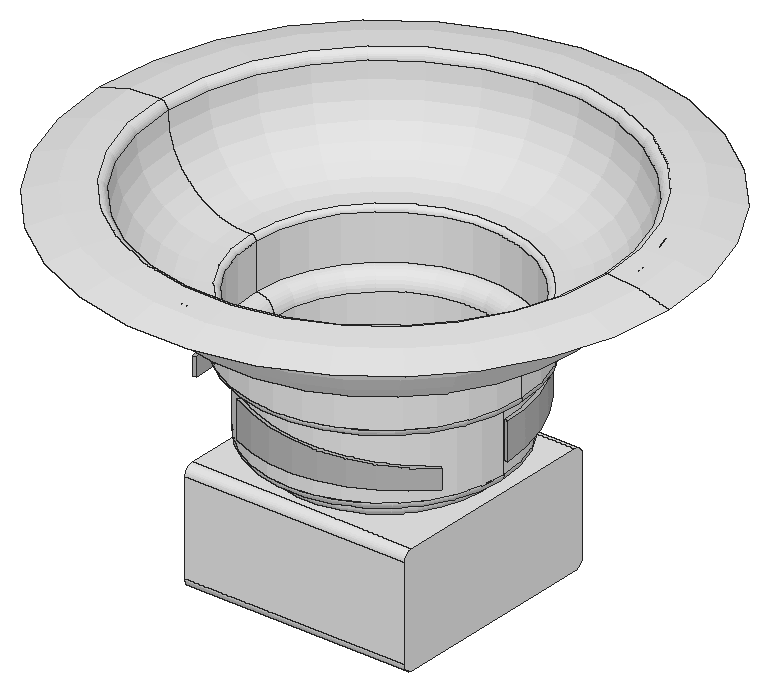
Revit family "LB6LEDA10L", category Lighting Fixtures, host Face, Revit 2012
Parameters (values of type "6" LiteBox LED Downlight LB6LEDA8L30K WH")
  Wattage = 12 W
  built-in parameter 1150110 = 1 (stored number, unit not read)
  Voltage = 120 V
  built-in parameter 1114217 = 1 (stored number, unit not read)
  Tilt Angle = -90.00°
  built-in parameter 1150109 = 1 (stored number, unit not read)
  built-in parameter 1150134 = (empty or 0)
  built-in parameter 1150113 = 1 (stored number, unit not read)
  Steel = Steel
  Photometric Web File = "lb6leda8l30kwh.ies"
  built-in parameter 1150105 = 141.85 (stored number, unit not read)
  Lumens = 1782.5 lm
  built-in parameter 1150115 = 1 (stored number, unit not read)
  built-in parameter 1150137 = (empty or 0)
  built-in parameter 1150139 = (empty or 0)
  Wattage Comments = "12W"  # constant formula
  URL = "www.prescolite.com"
  Product Page URL = "http://www.prescolite.com/products/lb6leda/"
  Product Documentation Link = "http://www.prescolite.com/content/products/specs/specs_files/lb_led_009.pdf"
  Model = "LB6LEDA10L"  # constant formula
  Manufacturer Phone = "(864)-678-1000"  # constant formula
  Manufacturer Fax = "(866)-898-1065"  # constant formula
  Manufacturer = "Prescolite"  # constant formula
  built-in parameter 1150112 = 1 (stored number, unit not read)
  built-in parameter 1150114 = 1 (stored number, unit not read)
  Lamp = "LED"  # constant formula
  built-in parameter 1150132 = (empty or 0)
  built-in parameter 1150102 = (empty or 0)
  built-in parameter 1150107 = 3500 (stored number, unit not read)
  built-in parameter 1150138 = (empty or 0)
  built-in parameter 1150106 = 1.4185 (stored number, unit not read)
  Emit from Line Length = 24"
  built-in parameter 1150104 = 13.8 (stored number, unit not read)
  Dimming Lamp Color Temperature Shift = <None>
  Description = "6inch LED DOWNLIGHT MODULE"  # constant formula
  Default Elevation = 48"
  Flange = Aluminum
  Color Filter = 16777215
  built-in parameter 1114218 = 1 (stored number, unit not read)
  built-in parameter 1150133 = 10 (stored number, unit not read)
Types (5): name | Voltage | Photometric Web File | Product Documentation Link
  (no name) | 120 V | "lb6leda8l30kwh.ies" | "http://www.prescolite.com/content/products/specs/specs_files/lb_led_009.pdf"
  6" LiteBox 1000 Lumen 27K LED w/15% dimming | 0 V | "6184.ies" | "http://www.prescolite.com/content/products/specs/specs_files/lb_led_010.pdf"
  6" LiteBox 1000 Lumen 35K LED w/15% dimming | 0 V | "6182.ies" | "http://www.prescolite.com/content/products/specs/specs_files/lb_led_010.pdf"
  6" LiteBox LED Downlight LB6LEDA8L30K WH | 120 V | "lb6leda8l30kwh.ies" | "http://www.prescolite.com/content/products/specs/specs_files/lb_led_009.pdf"
  6" LiteBox 1000 Lumen 30K LED w/15% dimming | 0 V | "6183.ies" | "http://www.prescolite.com/content/products/specs/specs_files/lb_led_010.pdf"
Reference planes (in)
  plane 1 "Center (Front/Back)": y = 13.04941
  plane 2: z = 0
  plane 3 "Center (Left/Right)": x = 0
  plane 4: z = -3.625
  plane 5: x = 3.875
  plane 6: z = -4.625
Forms (in)
  Revolve 1, solid, material "Aluminum" <- "Flange"
    sketch origin (0, 13.04941, 0) x (1, 0, 0) y (0, 0, 1)
      loop
        arc (3.05004, 0.14997) -> (2.97757, 0.10915) -> (2.95033, 0.03057) r 0.11739
        arc (2.95033, 0.03057) -> (2.62734, -0.76894) -> (1.82097, -1.07441) r 1.07577
        arc (1.82097, -1.07441) -> (1.77101, -1.09293) -> (1.75, -1.1419) r 0.06757
        line (1.75, -1.1419) -> (1.75, -1.7539)
        arc (1.75, -1.7539) -> (1.575, -1.8098) -> (1.5, -1.97751) r 0.225
        line (1.5, -1.97751) -> (1.5, -2.78132)
        arc (1.5, -2.78132) -> (1.325, -2.83722) -> (1.25, -3.00493) r 0.225
        line (1.25, -3.00493) -> (0, -3.00493) -> (0, -3.12993) -> (1.25, -3.12993)
        arc (1.25, -3.12993) -> (1.33839, -3.09332) -> (1.375, -3.00493) r 0.125
        arc (1.375, -3.00493) -> (1.40429, -2.93422) -> (1.475, -2.90493) r 0.1
        line (1.475, -2.90493) -> (1.525, -2.90493)
        arc (1.525, -2.90493) -> (1.59571, -2.87564) -> (1.625, -2.80493) r 0.1
        line (1.625, -2.80493) -> (1.625, -1.97751)
        arc (1.625, -1.97751) -> (1.65429, -1.90679) -> (1.725, -1.87751) r 0.1
        line (1.725, -1.87751) -> (1.775, -1.87751)
        arc (1.775, -1.87751) -> (1.84571, -1.84822) -> (1.875, -1.77751) r 0.1
        line (1.875, -1.77751) -> (1.875, -1.22742)
        arc (1.875, -1.22742) -> (1.88268, -1.20858) -> (1.90135, -1.20048) r 0.02695
        arc (1.90135, -1.20048) -> (2.69275, -0.87928) -> (3.07042, -0.11321) r 1.20077
        arc (3.07042, -0.11321) -> (3.11074, -0.03254) -> (3.19486, 0) r 0.125
        line (3.19486, 0) -> (3.875, 0)
        arc (3.875, 0) -> (3.46949, 0.11331) -> (3.05004, 0.14997) r 2.27552
      axis (0, 0.14997) -> (0, -3.12993)
    angle from 0 to 360
  Extrusion 2, solid, material "Aluminum" <- "Flange"
    sketch origin (0, 0, 0) x (0, 1, 0) y (0, 0, 1)
      loop
        line (14.4314, -3.13494) -> (11.65825, -3.13494)
        arc (11.65825, -3.13494) -> (11.56986, -3.17155) -> (11.53325, -3.25994) r 0.125
        line (11.53325, -3.25994) -> (11.53325, -4.5)
        arc (11.53325, -4.5) -> (11.56986, -4.58839) -> (11.65825, -4.625) r 0.125
        line (11.65825, -4.625) -> (14.4314, -4.625)
        arc (14.4314, -4.625) -> (14.51979, -4.58839) -> (14.5564, -4.5) r 0.125
        line (14.5564, -4.5) -> (14.5564, -3.25994)
        arc (14.5564, -3.25994) -> (14.51979, -3.17155) -> (14.4314, -3.13494) r 0.125
    from -1.5014 to 1.49008
  SweptBlend 3, solid, material "Steel" <- "Steel"
    path origin (-0.50429, 0, 0) x (1, 0, 0) y (0, 1, 0)
      loop
        arc (2.15897, 13.04941) -> (1.74351, 14.32272) -> (0.65703, 15.10598) r 2.15897
    profile origin (1.65468, 13.04941, 0) x (-1, 0, 0) y (0, 0, 1)
      loop
        line (0.02476, -2.12202) -> (-0.02387, -2.12202) -> (-0.02387, -2.62202) -> (0.02476, -2.62202) -> (0.02476, -2.12202)
    end profile origin (0.15273, 15.10598, 0) x (-0.304324, -0.952568, 0) y (0, 0, 1)
      loop
        line (0.02344, -2.19629) -> (-0.02344, -2.19629) -> (-0.02344, -2.44629) -> (0.02344, -2.44629) -> (0.02344, -2.19629)
  SweptBlend 4, solid, material "Steel" <- "Steel"
    path origin (-11.04897, 20.01085, 0) x (-0.5, -0.866025, 0) y (0.866025, -0.5, 0)
      loop
        arc (2.15897, 13.04941) -> (1.74351, 14.32272) -> (0.65703, 15.10598) r 2.15897
    profile origin (-0.82734, 11.61642, 0) x (0.5, 0.866025, 0) y (0, 0, 1)
      loop
        line (0.02476, -2.1064) -> (-0.02387, -2.1064) -> (-0.02387, -2.6064) -> (0.02476, -2.6064) -> (0.02476, -2.1064)
    end profile origin (1.70467, 11.88886, 0) x (-0.672786, 0.739837, 0) y (0, 0, 1)
      loop
        line (0.02344, -2.18067) -> (-0.02344, -2.18067) -> (-0.02344, -2.43067) -> (0.02344, -2.43067) -> (0.02344, -2.18067)
  SweptBlend 5, solid, material "Steel" <- "Steel"
    path origin (11.55327, 19.13739, 0) x (-0.5, 0.866025, 0) y (-0.866025, -0.5, 0)
      loop
        arc (2.15897, 13.04941) -> (1.74351, 14.32272) -> (0.65703, 15.10598) r 2.15897
    profile origin (-0.82734, 14.4824, 0) x (0.5, -0.866025, 0) y (0, 0, 1)
      loop
        line (0.02476, -2.1064) -> (-0.02387, -2.1064) -> (-0.02387, -2.6064) -> (0.02476, -2.6064) -> (0.02476, -2.1064)
    end profile origin (-1.85741, 12.1534, 0) x (0.977111, 0.212732, 0) y (0, 0, 1)
      loop
        line (0.02344, -2.18067) -> (-0.02344, -2.18067) -> (-0.02344, -2.43067) -> (0.02344, -2.43067) -> (0.02344, -2.18067)
  Extrusion 6, void
    sketch origin (0, 0, 0) x (1, 0, 0) y (0, 1, 0)
      loop
        circle (0, 13.04941) r 3.05004
    from 0 to -4.625
Dimensions and locks (in)
  locked: level to plane 4 at 3.625
  aligned and locked: plane 2 to host face
  aligned and locked: level to host face
  aligned and locked: Revolve 1 sketch curve to plane 3 "Center (Left/Right)"
  aligned and locked: Revolve 1 sketch curve to level
  aligned and locked: plane 3 "Center (Left/Right)" to Revolve 1 sketch curve
  aligned and locked: Extrusion 2 sketch curve to plane 6
  aligned and locked: imposter light to Revolve 1
  aligned and locked: level to Extrusion 6
  aligned and locked: Extrusion 6 to plane 6
Connectors (in)
  electrical at (0, 13.04941, -3.00493), driven by "Description", driven by "Voltage"
    settings: on Revolve 1, index 1, voltage 120 V, apparent load 0 VA, apparent load phase1 0 VA, apparent load phase2 0 VA, apparent load phase3 0 VA, power factor 1, load classification "Other", number of poles 1, system type 31, power factor state 1, is connector primary yes, connector utility no, sub classification motor no, connector description "6inch LED DOWNLIGHT MODULE"
